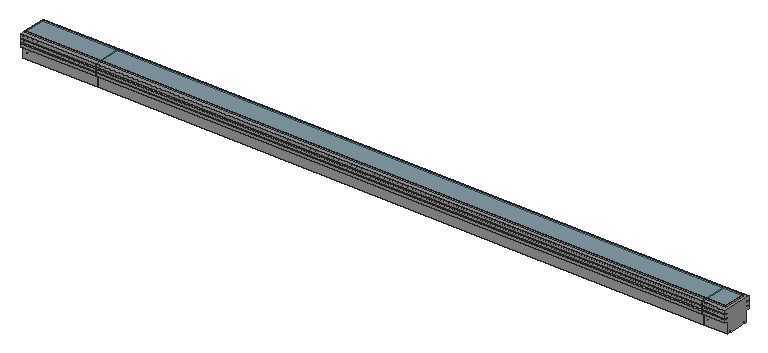
Revit family "LLED8700-SQ-4RF", category Lighting Fixtures, Revit 2017
Family settings
  Round Connector Dimension = Use Diameter
  Part Type = Normal
  OmniClass Number = 23.80.70.00
  OmniClass Title = Lighting
  Work Plane-Based = Yes
  Always vertical = Yes
  Cut with Voids When Loaded = No
  Light Source = Yes
  Shared = No
  Room Calculation Point = No
Parameters (values of type "LLED8700-SQ-4RF")
  Wattage = 9.2903 W
  built-in parameter 1150110 = 1 (stored number, unit not read)
  built-in parameter 1114217 = 1 (stored number, unit not read)
  Tilt Angle = 60.00°
  built-in parameter 1150109 = 1 (stored number, unit not read)
  built-in parameter 1150134 = 3
  built-in parameter 1150113 = 1 (stored number, unit not read)
  Photometric Web File = "generic"
  built-in parameter 1150142 = (empty or 0)
  built-in parameter 1150105 = 109.82 (stored number, unit not read)
  Lumens = 1380 lm
  built-in parameter 1150115 = 1 (stored number, unit not read)
  built-in parameter 1150137 = (empty or 0)
  built-in parameter 1150139 = (empty or 0)
  built-in parameter 1150112 = 1 (stored number, unit not read)
  built-in parameter 1150114 = 1 (stored number, unit not read)
  Length = 24.000"
  built-in parameter 1150132 = (empty or 0)
  built-in parameter 1150102 = (empty or 0)
  built-in parameter 1150107 = 3200 (stored number, unit not read)
  built-in parameter 1150138 = (empty or 0)
  built-in parameter 1150106 = 1.0982 (stored number, unit not read)
  Fixture cap = fixture cap
  Fixture = fixture
  Emit from Line Length = Length  # 24.000"
  built-in parameter 1150104 = 13.8 (stored number, unit not read)
  Dimming Lamp Color Temperature Shift = <None>
  Default Elevation = 2.60039"
  Color Filter = 16777215
  Bulb = Glass
  built-in parameter 1114218 = 1 (stored number, unit not read)
  built-in parameter 1150133 = 10 (stored number, unit not read)
Reference planes (in)
  plane 1 "Light Source Axis (F/B)": y = 0
  plane 2: z = 0
  plane 3 "Light Source Axis (L/R)": x = 0
  plane 4 "Light Source Elevation": z = 54
  plane 5: z = 0
  plane 6: x = -12
  plane 7: x = 12
  plane 8: z = -0.82
  plane 9: y = -0.49
  plane 10: y = 0.49
  plane 11: z = -0.06
  plane 12: x = -9.44
  plane 13: x = 11.2
  plane 14: x = 11.94
  plane 15: x = -11.94
  plane 16: y = 0.39
  plane 17: y = -0.39
Forms (in)
  Revolve 1, solid, not visible
    sketch origin (-0.00118, 0, 6.68102) x (1, 0, 0) y (0, 0, 1)
      loop
        line (0, 1.27453) -> (0.22, 1.27453) -> (0.22, 1.98615) -> (0, 1.98615) -> (0, 1.27453)
      axis (0, 1.98615) -> (0, 1.27453)
    angle from 0 to 360
  Extrusion 2, solid, material "fixture cap" <- "Fixture cap", not visible
    sketch origin (-0.00118, -0.05736, 6.68102) x (1, 0, 0) y (0, 0, 1)
      loop
        line (0, 1.6939) -> (0.66, 1.6939) -> (0.66, 1.98615) -> (0, 1.98615) -> (-0.66, 1.98615) -> (-0.66, 1.6939) -> (0, 1.6939)
    from -0.23545 to 0.11965
  Extrusion 3, void, not visible
    sketch origin (-0.00118, 0, 6.68102) x (1, 0, 0) y (0, 0, 1)
      loop
        arc (-0.66, 1.6939) -> (-0.58698, 1.88163) -> (-0.41477, 1.98615) r 0.31341
        line (-0.41477, 1.98615) -> (-0.66, 1.98615) -> (-0.66, 1.6939)
      loop
        line (0.66, 1.6939) -> (0.66, 1.98615) -> (0.41477, 1.98615)
        arc (0.41477, 1.98615) -> (0.58698, 1.88163) -> (0.66, 1.6939) r 0.31341
    from -0.17809 to 0.17701
  Blend 4, solid, not visible
    base sketch origin (-0.00118, 0, 7.13918) x (1, 0, 0) y (0, 1, 0)
      loop
        circle (0, 0) r 0.57599
    top sketch origin (-0.00118, 0, 7.13918) x (1, 0, 0) y (0, 1, 0)
      loop
        circle (0, 0) r 0.42
    from -0.52219 to 0.72781
  Blend 5, solid, not visible
    base sketch origin (-0.00118, 0, 6.68102) x (1, 0, 0) y (0, 1, 0)
      loop
        circle (0, 0) r 0.42
    top sketch origin (-0.00118, 0, 6.68102) x (1, 0, 0) y (0, 1, 0)
      loop
        circle (0, 0) r 0.22
    from 1.18597 to 1.27148
  Extrusion 6, void, not visible
    sketch origin (0.0069, 0, 6.93102) x (1, 0, 0) y (0, 1, 0)
      loop
        arc (-0.54002, 0.08041) -> (-0.58407, 0) -> (-0.54002, -0.08041) r 0.09541
        line (-0.54002, -0.08041) -> (-0.19879, -0.08041)
        arc (-0.19879, -0.08041) -> (-0.00676, -0.19306) -> (0.18528, -0.08041) r 0.22
        line (0.18528, -0.08041) -> (0.54002, -0.08041)
        arc (0.54002, -0.08041) -> (0.58407, 0) -> (0.54002, 0.08041) r 0.09541
        line (0.54002, 0.08041) -> (0.18542, 0.08041)
        arc (0.18542, 0.08041) -> (-0.00739, 0.19447) -> (-0.2002, 0.08041) r 0.22
        line (-0.2002, 0.08041) -> (-0.54002, 0.08041)
    from 1.43764 to 1.77364
  Revolve 7, solid, not visible
    sketch origin (-0.00118, 0, 4.43877) x (1, 0, 0) y (0, 0, 1)
      loop
        line (0, 2.17822) -> (0, 1.78225) -> (0.66857, 1.78225) -> (0.49227, 2.17822) -> (0, 2.17822)
      axis (0, 2.17822) -> (0, 1.78225)
    angle from 0 to 360
  Revolve 8, solid, not visible
    sketch origin (-0.00118, 0, 6.68102) x (1, 0, 0) y (0, 0, -1)
      loop
        line (0, -1.27453) -> (0, -1.98615) -> (0.22, -1.98615) -> (0.22, -1.27453) -> (0, -1.27453)
      axis (0, -1.98615) -> (0, -1.27453)
    angle from 0 to 360
  Extrusion 9, solid, material "fixture cap" <- "Fixture cap", not visible
    sketch origin (-0.00118, 0.05736, 6.68102) x (1, 0, 0) y (0, 0, -1)
      loop
        line (0, -0.68597) -> (-0.66, -0.68597) -> (-0.66, -1.98615) -> (0, -1.98615) -> (0.66, -1.98615) -> (0.66, -0.68597) -> (0, -0.68597)
    from -0.23545 to 0.11965
  Extrusion 10, void, not visible
    sketch origin (-0.00118, 0, 6.68102) x (1, 0, 0) y (0, 0, -1)
      loop
        line (-0.66, -1.6939) -> (-0.66, -1.98615) -> (-0.41477, -1.98615)
        arc (-0.41477, -1.98615) -> (-0.58698, -1.88163) -> (-0.66, -1.6939) r 0.31341
      loop
        arc (0.66, -1.6939) -> (0.58698, -1.88163) -> (0.41477, -1.98615) r 0.31341
        line (0.41477, -1.98615) -> (0.66, -1.98615) -> (0.66, -1.6939)
    from -0.17809 to 0.17701
  Blend 11, solid, not visible
    base sketch origin (-0.00118, 0, 6.68102) x (1, 0, 0) y (0, 1, 0)
      loop
        circle (0, 0) r 0.42
    top sketch origin (-0.00118, 0, 6.68102) x (1, 0, 0) y (0, 1, 0)
      loop
        circle (0, 0) r 0.22
    from 1.18597 to 1.27148
  Extrusion 12, void, not visible
    sketch origin (0.0069, 0, 6.93102) x (1, 0, 0) y (0, 1, 0)
      loop
        line (-0.54002, -0.08041) -> (-0.2002, -0.08041)
        arc (-0.2002, -0.08041) -> (-0.00739, -0.19447) -> (0.18542, -0.08041) r 0.22
        line (0.18542, -0.08041) -> (0.54002, -0.08041)
        arc (0.54002, -0.08041) -> (0.58407, 0) -> (0.54002, 0.08041) r 0.09541
        line (0.54002, 0.08041) -> (0.18528, 0.08041)
        arc (0.18528, 0.08041) -> (-0.00676, 0.19306) -> (-0.19879, 0.08041) r 0.22
        line (-0.19879, 0.08041) -> (-0.54002, 0.08041)
        arc (-0.54002, 0.08041) -> (-0.58407, 0) -> (-0.54002, -0.08041) r 0.09541
    from 1.43764 to 1.77364
  Extrusion 13, void, not visible
    sketch origin (-0.00118, 0, 6.83727) x (1, 0, 0) y (0, 0, -1)
      loop
        line (-0.50265, -1.4876) -> (-0.3469, -1.4876)
        arc (-0.3469, -1.4876) -> (-0.42478, -1.34712) -> (-0.50265, -1.4876) r 0.09183
      loop
        arc (0.50265, -1.4876) -> (0.42478, -1.34712) -> (0.3469, -1.4876) r 0.09183
        line (0.3469, -1.4876) -> (0.50265, -1.4876)
    from -0.22339 to 0.22501
  Extrusion 14, solid, not visible
    sketch origin (-0.00049, 0, 6.93102) x (1, 0, 0) y (0, 1, 0)
      loop
        line (-0.03443, 0) -> (-0.03443, -0.08951)
        arc (-0.03443, -0.08951) -> (-0.02214, -0.11039) -> (0, -0.12025) r 0.03974
        arc (0, -0.12025) -> (0.02214, -0.11039) -> (0.03443, -0.08951) r 0.03974
        line (0.03443, -0.08951) -> (0.03443, 0) -> (0.03443, 0.08951)
        arc (0.03443, 0.08951) -> (0.02214, 0.11039) -> (0, 0.12025) r 0.03974
        arc (0, 0.12025) -> (-0.02214, 0.11039) -> (-0.03443, 0.08951) r 0.03974
        line (-0.03443, 0.08951) -> (-0.03443, 0)
    from 1.43764 to 1.50249
  Extrusion 15, solid, material "Glass" <- "Bulb"
    sketch origin (-12, 0, -0.25) x (0, 0, -1) y (0, 1, 0)
      loop
        line (-0.25, 0.39) -> (-0.25, -0.39) -> (-0.19, -0.39) -> (-0.19, 0.39) -> (-0.25, 0.39)
    from 0.06 to 23.94
  Extrusion 16, solid, material "fixture" <- "Fixture"
    sketch origin (-12, 0, -0.25) x (0, 0, 1) y (0, 1, 0)
      loop
        line (0.19, -0.49) -> (0.19, 0.49) -> (0.08, 0.49) -> (0.08, 0.39)
        arc (0.08, 0.39) -> (0.06, 0.37) -> (0.04, 0.39) r 0.02
        line (0.04, 0.39) -> (0.04, 0.49) -> (-0.06, 0.49) -> (-0.06, 0.39)
        arc (-0.06, 0.39) -> (-0.08, 0.37) -> (-0.1, 0.39) r 0.02
        line (-0.1, 0.39) -> (-0.1, 0.49) -> (-0.2, 0.49) -> (-0.2, 0.39) -> (-0.57, 0.39) -> (-0.57, 0.34) -> (-0.49, 0.34)
        arc (-0.49, 0.34) -> (-0.47356, 0.305) -> (-0.49, 0.27) r 0.04548
        line (-0.49, 0.27) -> (-0.57, 0.27) -> (-0.57, 0.22) -> (-0.49, 0.22)
        arc (-0.49, 0.22) -> (-0.47356, 0.185) -> (-0.49, 0.15) r 0.04548
        line (-0.49, 0.15) -> (-0.57, 0.15) -> (-0.57, -0.15) -> (-0.49, -0.15)
        arc (-0.49, -0.15) -> (-0.47356, -0.185) -> (-0.49, -0.22) r 0.04548
        line (-0.49, -0.22) -> (-0.57, -0.22) -> (-0.57, -0.27) -> (-0.49, -0.27)
        arc (-0.49, -0.27) -> (-0.47356, -0.305) -> (-0.49, -0.34) r 0.04548
        line (-0.49, -0.34) -> (-0.57, -0.34) -> (-0.57, -0.39) -> (-0.2, -0.39) -> (-0.2, -0.49) -> (-0.1, -0.49) -> (-0.1, -0.39)
        arc (-0.1, -0.39) -> (-0.08, -0.37) -> (-0.06, -0.39) r 0.02
        line (-0.06, -0.39) -> (-0.06, -0.49) -> (0.04, -0.49) -> (0.04, -0.39)
        arc (0.04, -0.39) -> (0.06, -0.37) -> (0.08, -0.39) r 0.02
        line (0.08, -0.39) -> (0.08, -0.49) -> (0.19, -0.49)
    from -2.56 to 0
  Extrusion 17, solid, material "fixture" <- "Fixture"
    sketch origin (-11.625, 0, -0.25) x (0, 0, 1) y (0, 1, 0)
      loop
        line (0.19, -0.49) -> (0.19, 0.49) -> (0.08, 0.49) -> (0.08, 0.39)
        arc (0.08, 0.39) -> (0.06, 0.37) -> (0.04, 0.39) r 0.02
        line (0.04, 0.39) -> (0.04, 0.49) -> (-0.06, 0.49) -> (-0.06, 0.39)
        arc (-0.06, 0.39) -> (-0.08, 0.37) -> (-0.1, 0.39) r 0.02
        line (-0.1, 0.39) -> (-0.1, 0.49) -> (-0.2, 0.49) -> (-0.2, 0.39) -> (-0.57, 0.39) -> (-0.57, 0.34) -> (-0.49, 0.34)
        arc (-0.49, 0.34) -> (-0.47356, 0.305) -> (-0.49, 0.27) r 0.04548
        line (-0.49, 0.27) -> (-0.57, 0.27) -> (-0.57, 0.22) -> (-0.49, 0.22)
        arc (-0.49, 0.22) -> (-0.47356, 0.185) -> (-0.49, 0.15) r 0.04548
        line (-0.49, 0.15) -> (-0.57, 0.15) -> (-0.57, -0.15) -> (-0.49, -0.15)
        arc (-0.49, -0.15) -> (-0.47356, -0.185) -> (-0.49, -0.22) r 0.04548
        line (-0.49, -0.22) -> (-0.57, -0.22) -> (-0.57, -0.27) -> (-0.49, -0.27)
        arc (-0.49, -0.27) -> (-0.47356, -0.305) -> (-0.49, -0.34) r 0.04548
        line (-0.49, -0.34) -> (-0.57, -0.34) -> (-0.57, -0.39) -> (-0.2, -0.39) -> (-0.2, -0.49) -> (-0.1, -0.49) -> (-0.1, -0.39)
        arc (-0.1, -0.39) -> (-0.08, -0.37) -> (-0.06, -0.39) r 0.02
        line (-0.06, -0.39) -> (-0.06, -0.49) -> (0.04, -0.49) -> (0.04, -0.39)
        arc (0.04, -0.39) -> (0.06, -0.37) -> (0.08, -0.39) r 0.02
        line (0.08, -0.39) -> (0.08, -0.49) -> (0.19, -0.49)
    from -22.825 to -2.185
  Extrusion 18, solid, material "fixture" <- "Fixture"
    sketch origin (-11.125, 0, -0.25) x (0, 0, 1) y (0, 1, 0)
      loop
        line (0.19, -0.49) -> (0.19, 0.49) -> (0.08, 0.49) -> (0.08, 0.39)
        arc (0.08, 0.39) -> (0.06, 0.37) -> (0.04, 0.39) r 0.02
        line (0.04, 0.39) -> (0.04, 0.49) -> (-0.06, 0.49) -> (-0.06, 0.39)
        arc (-0.06, 0.39) -> (-0.08, 0.37) -> (-0.1, 0.39) r 0.02
        line (-0.1, 0.39) -> (-0.1, 0.49) -> (-0.2, 0.49) -> (-0.2, 0.39) -> (-0.57, 0.39) -> (-0.57, 0.34) -> (-0.49, 0.34)
        arc (-0.49, 0.34) -> (-0.47356, 0.305) -> (-0.49, 0.27) r 0.04548
        line (-0.49, 0.27) -> (-0.57, 0.27) -> (-0.57, 0.22) -> (-0.49, 0.22)
        arc (-0.49, 0.22) -> (-0.47356, 0.185) -> (-0.49, 0.15) r 0.04548
        line (-0.49, 0.15) -> (-0.57, 0.15) -> (-0.57, -0.15) -> (-0.49, -0.15)
        arc (-0.49, -0.15) -> (-0.47356, -0.185) -> (-0.49, -0.22) r 0.04548
        line (-0.49, -0.22) -> (-0.57, -0.22) -> (-0.57, -0.27) -> (-0.49, -0.27)
        arc (-0.49, -0.27) -> (-0.47356, -0.305) -> (-0.49, -0.34) r 0.04548
        line (-0.49, -0.34) -> (-0.57, -0.34) -> (-0.57, -0.39) -> (-0.2, -0.39) -> (-0.2, -0.49) -> (-0.1, -0.49) -> (-0.1, -0.39)
        arc (-0.1, -0.39) -> (-0.08, -0.37) -> (-0.06, -0.39) r 0.02
        line (-0.06, -0.39) -> (-0.06, -0.49) -> (0.04, -0.49) -> (0.04, -0.39)
        arc (0.04, -0.39) -> (0.06, -0.37) -> (0.08, -0.39) r 0.02
        line (0.08, -0.39) -> (0.08, -0.49) -> (0.19, -0.49)
    from -23.125 to -22.325
Dimensions and locks (in)
  plane 5 to plane 8 = 0.820"
  "Length": plane 7 to plane 6
  plane 6 to plane 7 = 24.000"  (x2)
  level to plane 8 = 0.820"
  plane 10 to plane 9 = 0.980"
  equal spacing: plane 6, plane 3 "Light Source Axis (L/R)", plane 7
  locked: plane 11 to plane 5 at 0.06
  locked: plane 12 to plane 6 at 2.56
  locked: plane 13 to plane 7 at 0.8
  locked: plane 15 to plane 6 at 0.06
  locked: plane 14 to plane 7 at 0.06
  aligned and locked: level to plane 2
  aligned and locked: Extrusion 16 to plane 9  (x2)
  aligned and locked: plane 10 to Extrusion 16
  aligned and locked: plane 11 to Extrusion 16
  aligned and locked: plane 6 to Extrusion 16
  aligned and locked: plane 13 to Extrusion 18
  aligned and locked: Extrusion 18 to plane 7
  aligned and locked: Extrusion 17 to plane 13
  aligned and locked: plane 12 to Extrusion 17
  aligned and locked: Extrusion 16 to plane 12
  aligned and locked: Extrusion 15 to plane 14
  aligned and locked: plane 15 to Extrusion 15
  aligned and locked: Extrusion 15 to plane 17
  aligned and locked: Extrusion 15 to plane 16
Automatic sketch dimensions
  Extrusion 15 sketch curve to level = 0.000"
  plane 11 to Extrusion 15 sketch curve = 0.000"
  plane 9 to Extrusion 15 sketch curve = 0.100"
  plane 10 to Extrusion 15 sketch curve = 0.100"
  plane 8 to Extrusion 16 sketch curve = 0.000"  (x5)
  Extrusion 16 sketch curve to plane 9 = 0.000"  (x3)
  Extrusion 16 sketch curve to plane 10 = 0.000"  (x3)
  plane 11 to Extrusion 16 sketch curve = 0.000"
  Extrusion 16 sketch curve to plane 8 = 0.05096"  (x4)
  Extrusion 16 sketch curve to Extrusion 16 sketch curve = 0.02904"  (x8)
  Extrusion 16 sketch curve to Extrusion 16 sketch curve = 0.290"  (x2)
  Extrusion 16 sketch curve to Extrusion 16 sketch curve = 0.100"  (x4)
  Extrusion 16 sketch curve to Extrusion 16 sketch curve = 0.020"  (x4)
  plane 9 to Extrusion 16 sketch curve = 0.100"  (x3)
  Extrusion 16 sketch curve to Extrusion 16 sketch curve = 0.050"  (x3)
  Extrusion 16 sketch curve to Extrusion 16 sketch curve = 0.035"  (x4)
  Extrusion 16 sketch curve to plane 1 "Light Source Axis (F/B)" = 0.150"
  plane 10 to Extrusion 16 sketch curve = 0.100"  (x3)
  plane 8 to Extrusion 17 sketch curve = 0.000"  (x5)
  Extrusion 17 sketch curve to plane 9 = 0.000"  (x3)
  Extrusion 17 sketch curve to plane 10 = 0.000"  (x3)
  plane 11 to Extrusion 17 sketch curve = 0.000"
  Extrusion 17 sketch curve to plane 8 = 0.05096"  (x4)
  Extrusion 17 sketch curve to Extrusion 17 sketch curve = 0.02904"  (x8)
  Extrusion 17 sketch curve to Extrusion 17 sketch curve = 0.290"  (x2)
  Extrusion 17 sketch curve to Extrusion 17 sketch curve = 0.100"  (x4)
  Extrusion 17 sketch curve to Extrusion 17 sketch curve = 0.020"  (x4)
  plane 9 to Extrusion 17 sketch curve = 0.100"  (x3)
  Extrusion 17 sketch curve to Extrusion 17 sketch curve = 0.050"  (x3)
  Extrusion 17 sketch curve to Extrusion 17 sketch curve = 0.035"  (x4)
  Extrusion 17 sketch curve to plane 1 "Light Source Axis (F/B)" = 0.150"
  plane 10 to Extrusion 17 sketch curve = 0.100"  (x3)
  plane 8 to Extrusion 18 sketch curve = 0.000"  (x5)
  Extrusion 18 sketch curve to plane 9 = 0.000"  (x3)
  Extrusion 18 sketch curve to plane 10 = 0.000"  (x3)
  plane 11 to Extrusion 18 sketch curve = 0.000"
  Extrusion 18 sketch curve to plane 8 = 0.05096"  (x4)
  Extrusion 18 sketch curve to Extrusion 18 sketch curve = 0.02904"  (x8)
  Extrusion 18 sketch curve to Extrusion 18 sketch curve = 0.290"  (x2)
  Extrusion 18 sketch curve to Extrusion 18 sketch curve = 0.100"  (x4)
  Extrusion 18 sketch curve to Extrusion 18 sketch curve = 0.020"  (x4)
  plane 9 to Extrusion 18 sketch curve = 0.100"  (x3)
  Extrusion 18 sketch curve to Extrusion 18 sketch curve = 0.050"  (x3)
  Extrusion 18 sketch curve to Extrusion 18 sketch curve = 0.035"  (x4)
  Extrusion 18 sketch curve to plane 1 "Light Source Axis (F/B)" = 0.150"
  plane 10 to Extrusion 18 sketch curve = 0.100"  (x3)
